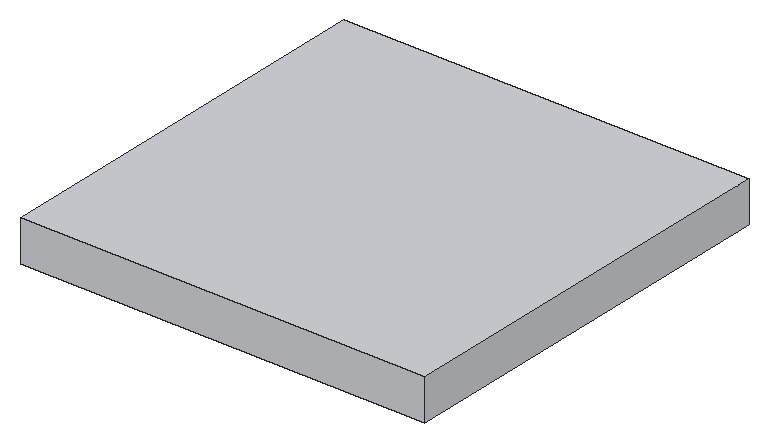
Revit family "ARMarker", category Allgemeines Modell, Revit 2020
Family settings
  Basisbauteil = Fläche
  Kann Basisbauteil für Bewehrung sein = Nein
  Bemaßung runder Anschluss = Durchmesser verwenden
  Teiletyp = Normal
  Beim Laden mit Abzugskörper schneiden = Nein
  Gemeinsam genutzt = Nein
  Raumberechnungspunkt = Nein
Parameters
  MarkerType [instance] = "ObjectMarker"
  MarkerThickness [instance] = MarkerSize / 33  # 16.5 mm
  MarkerSize [instance] = 544.496 mm
  MarkerID [instance] = 0
  Default Elevation = 1219.2 mm
Reference planes
  plane 1 "Center (Front/Back)": y = 0
  plane 2: z = 0
  plane 3 "Center (Left/Right)": x = 0
  plane 4: x = -30.25
  plane 5: x = -90.749
  plane 6: x = -151.249
  plane 7: x = -211.749
  plane 8: x = -272.248
  plane 9: x = -332.748
  plane 10: x = 30.25
  plane 11: x = 90.749
  plane 12: x = 151.249
  plane 13: x = 211.749
  plane 14: x = 272.248
  plane 15: x = 332.748
  plane 16: y = -30.25
  plane 17: y = -90.749
  plane 18: y = -151.249
  plane 19: y = -211.749
  plane 20: y = -272.248
  plane 21: y = -332.748
  plane 22: y = 30.25
  plane 23: y = 90.749
  plane 24: y = 151.249
  plane 25: y = 211.749
  plane 26: y = 272.248
  plane 27: y = 332.748
  plane 28 "ObereEbene": z = 16.5
Forms (mm)
  Extrusion 1, solid
    sketch origin (0, 0, 0) x (1, 0, 0) y (0, 1, 0)
      loop
        line (-1500, 1500) -> (-1500, -1500) -> (1500, -1500) -> (1500, 1500) -> (-1500, 1500)
    from 0 to -304.8
Lines and regions (mm)
  model lines
    curve 1: line (-332.748, 332.748, 0) -> (332.748, 332.748, 0)
    curve 2: line (-332.748, -332.748, 0) -> (-332.748, 332.748, 0)
    curve 3: line (332.748, -332.748, 0) -> (-332.748, -332.748, 0)
    curve 4: line (332.748, 332.748, 0) -> (332.748, -332.748, 0)
    curve 5: line (-272.248, 272.248, 0) -> (272.248, 272.248, 0)
    curve 6: line (-272.248, -272.248, 0) -> (-272.248, 272.248, 0)
    curve 7: line (272.248, -272.248, 0) -> (-272.248, -272.248, 0)
    curve 8: line (272.248, 272.248, 0) -> (272.248, -272.248, 0)
    curve 9: line (-151.249, 151.249, 0) -> (151.249, 151.249, 0)
    curve 10: line (-151.249, -151.249, 0) -> (-151.249, 151.249, 0)
    curve 11: line (151.249, -151.249, 0) -> (-151.249, -151.249, 0)
    curve 12: line (151.249, 151.249, 0) -> (151.249, -151.249, 0)
    curve 13: line (-30.25, 30.25, 0) -> (90.749, 30.25, 0)
    curve 14: line (-30.25, 90.749, 0) -> (-30.25, 30.25, 0)
    curve 15: line (90.749, 90.749, 0) -> (-30.25, 90.749, 0)
    curve 16: line (90.749, 30.25, 0) -> (90.749, 90.749, 0)
    curve 17: line (-332.748, 332.748, 16.5) -> (332.748, 332.748, 16.5)
    curve 18: line (-332.748, -332.748, 16.5) -> (-332.748, 332.748, 16.5)
    curve 19: line (332.748, -332.748, 16.5) -> (-332.748, -332.748, 16.5)
    curve 20: line (332.748, 332.748, 16.5) -> (332.748, -332.748, 16.5)
    curve 21: line (-272.248, 272.248, 16.5) -> (272.248, 272.248, 16.5)
    curve 22: line (-272.248, -272.248, 16.5) -> (-272.248, 272.248, 16.5)
    curve 23: line (272.248, -272.248, 16.5) -> (-272.248, -272.248, 16.5)
    curve 24: line (272.248, 272.248, 16.5) -> (272.248, -272.248, 16.5)
    curve 25: line (-151.249, 151.249, 16.5) -> (151.249, 151.249, 16.5)
    curve 26: line (-151.249, -151.249, 16.5) -> (-151.249, 151.249, 16.5)
    curve 27: line (151.249, -151.249, 16.5) -> (-151.249, -151.249, 16.5)
    curve 28: line (151.249, 151.249, 16.5) -> (151.249, -151.249, 16.5)
    curve 29: line (-30.25, 30.25, 16.5) -> (90.749, 30.25, 16.5)
    curve 30: line (-30.25, 90.749, 16.5) -> (-30.25, 30.25, 16.5)
    curve 31: line (90.749, 90.749, 16.5) -> (-30.25, 90.749, 16.5)
    curve 32: line (90.749, 30.25, 16.5) -> (90.749, 90.749, 16.5)
Dimensions and locks
  equal spacing: plane 9, plane 8, plane 7, plane 6, plane 5, plane 4, plane 10, plane 11, plane 12, plane 13, plane 14, plane 15
  "MarkerSize": plane 8 to plane 14
  equal spacing: plane 8, plane 3 "Center (Left/Right)", plane 14
  equal spacing: plane 21, plane 20, plane 19, plane 18, plane 17, plane 16, plane 22, plane 23, plane 24, plane 25, plane 26, plane 27
  "MarkerSize": plane 20 to plane 26
  equal spacing: plane 20, plane 1 "Center (Front/Back)", plane 26
  "MarkerThickness": plane 28 "ObereEbene" to level
  aligned and locked: plane 2 to Extrusion 1
  aligned and locked: level to Extrusion 1
  aligned and locked: curve 1 to plane 27
  aligned and locked: curve 2 to plane 9
  aligned and locked: curve 3 to plane 21
  aligned and locked: curve 4 to plane 15
  aligned and locked: curve 5 to plane 26
  aligned and locked: curve 6 to plane 8
  aligned and locked: curve 7 to plane 20
  aligned and locked: curve 8 to plane 14
  aligned and locked: curve 9 to plane 24
  aligned and locked: curve 10 to plane 6
  aligned and locked: curve 11 to plane 18
  aligned and locked: curve 12 to plane 12
  aligned and locked: curve 13 to plane 22
  aligned and locked: plane 4 to curve 14
  aligned and locked: plane 23 to curve 15
  aligned and locked: plane 11 to curve 16
Automatic sketch dimensions
  Extrusion 1 sketch curve to Extrusion 1 sketch curve = 3000 mm  (x2)
  curve 17 to plane 9 = 0 mm
  curve 20 to plane 15 = 0 mm
  curve 24 to plane 14 = 0 mm
  curve 28 to plane 12 = 0 mm
  curve 29 to plane 11 = 0 mm
  curve 30 to plane 4 = 0 mm
  curve 27 to plane 6 = 0 mm
  curve 22 to plane 8 = 0 mm
  curve 18 to plane 27 = 0 mm
  curve 24 to plane 26 = 0 mm
  curve 25 to plane 24 = 0 mm
  curve 30 to plane 23 = 0 mm
  curve 32 to plane 22 = 0 mm
  plane 18 to curve 27 = 0 mm
  plane 20 to curve 22 = 0 mm
  curve 19 to plane 21 = 0 mm
